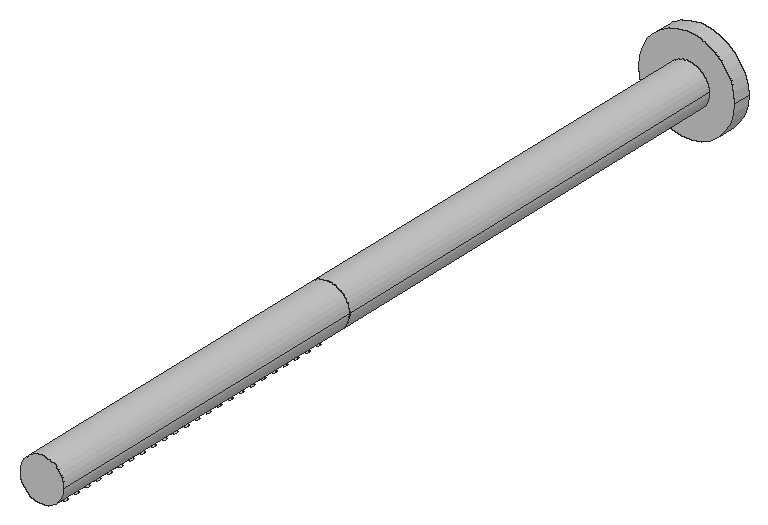
Revit family "080ST+100", category Generic Models, Revit 2021
Family settings
  Can host rebar = No
  Round Connector Dimension = Use Diameter
  Part Type = Normal
  Work Plane-Based = No
  Always vertical = Yes
  Cut with Voids When Loaded = No
  Shared = No
  Room Calculation Point = No
Parameters (values of type "Standard")
  e-mail = "info@vola.com"
  URL = "http://vola.com"
  Telephone = "+45 7023 5500"
  Quality management standard = "ISO 9001"
  Organisation no. / DUNS no. = "17531328"
  Occupational health and safety management standard = "ISO 18001"
  Mounting Instructions = "http://vola.com/service/producturl.ashx?name=080ST%2b100"
  Model = "080ST+100"
  Materials and components information = "http://vola.com/service/producturl.ashx?name=080ST%2b100"
  Manufacturer = "VOLA A/S"
  Maintenance Instructions = "http://vola.com/service/producturl.ashx?name=080ST%2b100"
  Guarantee = "2 years"
  Flow = "25,00 l/min"
  Environmental management standard = "ISO 14000"
  Default Elevation = 0.00 mm
  Connection - All relevant connections = ""
  Approvals = "http://vola.com/service/producturl.ashx?name=080ST%2b100"
Reference planes
  plane 1 "Center (Front/Back)": y = 0
  plane 2: z = 0
  plane 3 "Center (Left/Right)": x = 0
  plane 4: through (-9.509, -512.837, -14.371) normal (0.5, 0, 0.866)
  plane 5: through (-5.466, -512.837, -16.342) normal (0.2588, 0, 0.9659)
  plane 6: z = -17.2
  plane 7: through (-9.058, -512.837, -13.189) normal (0.866, 0, -0.5)
  plane 8: through (-5.336, -512.837, -15.084) normal (0.9659, 0, -0.2588)
Forms (mm)
  Extrusion 1, solid, material "Stainless Steel"
    sketch origin (0, 0, 0) x (1, 0, 0) y (0, 0, 1)
      loop
        circle (0, 0) r 35
    from 0 to 12
  Extrusion 2, solid, material "Stainless Steel"
    sketch origin (0, -12, 0) x (1, 0, 0) y (0, 0, 1)
      loop
        circle (0, 0) r 16
    from 0 to 328
  Extrusion 3, solid, material "Stainless Steel"
    sketch origin (0, -340, 0) x (1, 0, 0) y (0, 0, 1)
      loop
        circle (0, 0) r 16
    from 0 to 260
  Extrusion 4, solid, material "Stainless Steel"
    sketch origin (-9.509, -601.837, -14.371) x (-0.866025, 0, 0.5) y (0, -1, 0)
      loop
        circle (-1.05, -12.837) r 1.25
      loop
        circle (-1.05, -22.837) r 1.25
      loop
        circle (-1.05, -32.837) r 1.25
      loop
        circle (-1.05, -42.837) r 1.25
      loop
        circle (-1.05, -52.837) r 1.25
      loop
        circle (-1.05, -62.837) r 1.25
      loop
        circle (-1.05, -72.837) r 1.25
      loop
        circle (-1.05, -82.837) r 1.25
      loop
        circle (-1.05, -92.837) r 1.25
      loop
        circle (-1.05, -102.837) r 1.25
      loop
        circle (-1.05, -112.837) r 1.25
      loop
        circle (-1.05, -122.837) r 1.25
      loop
        circle (-1.05, -132.837) r 1.25
      loop
        circle (-1.05, -142.837) r 1.25
      loop
        circle (-1.05, -152.837) r 1.25
      loop
        circle (-1.05, -162.837) r 1.25
      loop
        circle (-1.05, -172.837) r 1.25
      loop
        circle (-1.05, -182.837) r 1.25
      loop
        circle (-1.05, -192.837) r 1.25
      loop
        circle (-1.05, -202.837) r 1.25
      loop
        circle (-1.05, -212.837) r 1.25
      loop
        circle (-1.05, -222.837) r 1.25
      loop
        circle (-1.05, -232.837) r 1.25
      loop
        circle (-1.05, -242.837) r 1.25
    from 0 to 2
  Extrusion 5, solid, material "Stainless Steel"
    sketch origin (-5.466, -601.837, -16.342) x (-0.965926, 0, 0.258819) y (0, -1, 0)
      loop
        circle (-1.05, -12.837) r 1.25
      loop
        circle (-1.05, -22.837) r 1.25
      loop
        circle (-1.05, -32.837) r 1.25
      loop
        circle (-1.05, -42.837) r 1.25
      loop
        circle (-1.05, -52.837) r 1.25
      loop
        circle (-1.05, -62.837) r 1.25
      loop
        circle (-1.05, -72.837) r 1.25
      loop
        circle (-1.05, -82.837) r 1.25
      loop
        circle (-1.05, -92.837) r 1.25
      loop
        circle (-1.05, -102.837) r 1.25
      loop
        circle (-1.05, -112.837) r 1.25
      loop
        circle (-1.05, -122.837) r 1.25
      loop
        circle (-1.05, -132.837) r 1.25
      loop
        circle (-1.05, -142.837) r 1.25
      loop
        circle (-1.05, -152.837) r 1.25
      loop
        circle (-1.05, -162.837) r 1.25
      loop
        circle (-1.05, -172.837) r 1.25
      loop
        circle (-1.05, -182.837) r 1.25
      loop
        circle (-1.05, -192.837) r 1.25
      loop
        circle (-1.05, -202.837) r 1.25
      loop
        circle (-1.05, -212.837) r 1.25
      loop
        circle (-1.05, -222.837) r 1.25
      loop
        circle (-1.05, -232.837) r 1.25
      loop
        circle (-1.05, -242.837) r 1.25
    from 0 to 2
  Extrusion 6, solid, material "Stainless Steel"
    sketch origin (-1.05, -601.837, -17.2) x (-1, 0, 0) y (0, -1, 0)
      loop
        circle (-1.05, -12.837) r 1.25
      loop
        circle (-1.05, -22.837) r 1.25
      loop
        circle (-1.05, -32.837) r 1.25
      loop
        circle (-1.05, -42.837) r 1.25
      loop
        circle (-1.05, -52.837) r 1.25
      loop
        circle (-1.05, -62.837) r 1.25
      loop
        circle (-1.05, -72.837) r 1.25
      loop
        circle (-1.05, -82.837) r 1.25
      loop
        circle (-1.05, -92.837) r 1.25
      loop
        circle (-1.05, -102.837) r 1.25
      loop
        circle (-1.05, -112.837) r 1.25
      loop
        circle (-1.05, -122.837) r 1.25
      loop
        circle (-1.05, -132.837) r 1.25
      loop
        circle (-1.05, -142.837) r 1.25
      loop
        circle (-1.05, -152.837) r 1.25
      loop
        circle (-1.05, -162.837) r 1.25
      loop
        circle (-1.05, -172.837) r 1.25
      loop
        circle (-1.05, -182.837) r 1.25
      loop
        circle (-1.05, -192.837) r 1.25
      loop
        circle (-1.05, -202.837) r 1.25
      loop
        circle (-1.05, -212.837) r 1.25
      loop
        circle (-1.05, -222.837) r 1.25
      loop
        circle (-1.05, -232.837) r 1.25
      loop
        circle (-1.05, -242.837) r 1.25
    from 0 to 2
  Extrusion 7, solid, material "Stainless Steel"
    sketch origin (9.509, -601.837, -14.371) x (0.866025, 0, 0.5) y (0, 1, 0)
      loop
        circle (-1.05, 12.837) r 1.25
      loop
        circle (-1.05, 22.837) r 1.25
      loop
        circle (-1.05, 32.837) r 1.25
      loop
        circle (-1.05, 42.837) r 1.25
      loop
        circle (-1.05, 52.837) r 1.25
      loop
        circle (-1.05, 62.837) r 1.25
      loop
        circle (-1.05, 72.837) r 1.25
      loop
        circle (-1.05, 82.837) r 1.25
      loop
        circle (-1.05, 92.837) r 1.25
      loop
        circle (-1.05, 102.837) r 1.25
      loop
        circle (-1.05, 112.837) r 1.25
      loop
        circle (-1.05, 122.837) r 1.25
      loop
        circle (-1.05, 132.837) r 1.25
      loop
        circle (-1.05, 142.837) r 1.25
      loop
        circle (-1.05, 152.837) r 1.25
      loop
        circle (-1.05, 162.837) r 1.25
      loop
        circle (-1.05, 172.837) r 1.25
      loop
        circle (-1.05, 182.837) r 1.25
      loop
        circle (-1.05, 192.837) r 1.25
      loop
        circle (-1.05, 202.837) r 1.25
      loop
        circle (-1.05, 212.837) r 1.25
      loop
        circle (-1.05, 222.837) r 1.25
      loop
        circle (-1.05, 232.837) r 1.25
      loop
        circle (-1.05, 242.837) r 1.25
    from 0 to 2
  Extrusion 8, solid, material "Stainless Steel"
    sketch origin (5.466, -601.837, -16.342) x (0.965926, 0, 0.258819) y (0, 1, 0)
      loop
        circle (-1.05, 12.837) r 1.25
      loop
        circle (-1.05, 22.837) r 1.25
      loop
        circle (-1.05, 32.837) r 1.25
      loop
        circle (-1.05, 42.837) r 1.25
      loop
        circle (-1.05, 52.837) r 1.25
      loop
        circle (-1.05, 62.837) r 1.25
      loop
        circle (-1.05, 72.837) r 1.25
      loop
        circle (-1.05, 82.837) r 1.25
      loop
        circle (-1.05, 92.837) r 1.25
      loop
        circle (-1.05, 102.837) r 1.25
      loop
        circle (-1.05, 112.837) r 1.25
      loop
        circle (-1.05, 122.837) r 1.25
      loop
        circle (-1.05, 132.837) r 1.25
      loop
        circle (-1.05, 142.837) r 1.25
      loop
        circle (-1.05, 152.837) r 1.25
      loop
        circle (-1.05, 162.837) r 1.25
      loop
        circle (-1.05, 172.837) r 1.25
      loop
        circle (-1.05, 182.837) r 1.25
      loop
        circle (-1.05, 192.837) r 1.25
      loop
        circle (-1.05, 202.837) r 1.25
      loop
        circle (-1.05, 212.837) r 1.25
      loop
        circle (-1.05, 222.837) r 1.25
      loop
        circle (-1.05, 232.837) r 1.25
      loop
        circle (-1.05, 242.837) r 1.25
    from 0 to 2
Cuts and joins
  joined: Extrusion 3, Extrusion 4, Extrusion 5, Extrusion 6, Extrusion 7, Extrusion 8
Dimensions and locks
  aligned and locked: plane 2 to level
